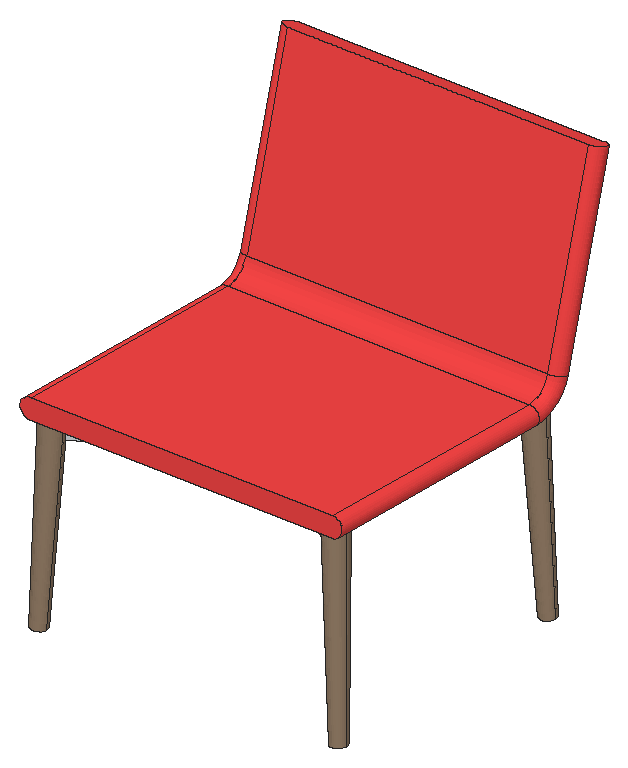
Revit family "Afternoon f 295", category Мебель, Revit 2017
Family settings
  Номер OmniClass = 23.40.20.00
  Заголовок OmniClass = General Furniture and Specialties
  На основе рабочей плоскости = Нет
  Всегда вертикально = Да
  При загрузке вырезать с полостями = Нет
  Общий = Нет
  Точка расчета площади = Нет
Parameters (values of type "SA-296")
  URL = "http://file-system.ru/catalog/zdaniya_i_sooruzheniya/interer/mebel/afternoon_f_295_skandiform_kreslo/"
  Комментарии к типоразмеру = "Created by Astacus AB"
  Ключевая пометка = "XBF.4"
  Material = Skandiform Fabric
  Группа модели = "SA-296"
  Изготовитель = "Skandiform AB"
  Leg = F-295_Leg : F-295_Leg
  Seat = F-255_Seat : F-255_Seat
  Описание = "Chassis in chromium or silver lacquered metal."
Types (5, lengths in mm): name | URL | Ключевая пометка | Группа модели | Leg | Seat
  (no name) | "http://file-system.ru/catalog/zdaniya_i_sooruzheniya/interer/mebel/afternoon_f_295_skandiform_kreslo/" | "XBF.4" | "SA-296" | F-295_Leg : F-295_Leg | F-255_Seat : F-255_Seat
  F-255 | "http://www.biminfo.se/?productid=333205" | "XBF.3" | "F-255" | F-255_Leg : F-255_Leg | F-255_Seat : F-255_Seat
  SA-256 | "http://www.biminfo.se/?productid=333205" | "XBF.4" | "SA-256" | SA-256_Leg : SA-256_Leg | SA-256_Seat : SA-256_Seat
  F-295 | "http://www.biminfo.se/?productid=333205" | "XBF.3" | "F-295" | F-295_Leg : F-295_Leg | F-255_Seat : F-255_Seat
  SA-296 | "http://file-system.ru/catalog/zdaniya_i_sooruzheniya/interer/mebel/afternoon_f_295_skandiform_kreslo/" | "XBF.4" | "SA-296" | F-295_Leg : F-295_Leg | F-255_Seat : F-255_Seat
Reference planes
  plane 1 "Center (Front/Back)": y = 0
  plane 2: z = 0
  plane 3 "Center (Left/Right)": x = 0
Dimensions and locks
  aligned and locked: level to plane 2
Nested families
  nested 1: "F-255_Seat" at (-3.503, 0, 0), type <- "Seat", type "F-255_Seat"
  nested 2: "F-295_Leg" at (0, 0, 0), type <- "Leg", type "F-295_Leg"
Definition of nested family "F-255_Seat"
  Parameters
    Model = ""
    Manufacturer = "Skandiform"
    Fabric = none
    Assembly Code = ""
  Reference planes
    plane 1 "Center (Front/Back)": y = 0
    plane 2: z = 0
    plane 3 "Center (Left/Right)": x = 0
  Forms (mm)
    Sweep 1, solid, material <- "Fabric"
      path origin (-2.266, -64.531, -7.5) x (0, 1, 0) y (0, 0, 1)
        loop
          line (-243.234, 337.822) -> (198.96, 323.37)
          arc (198.96, 323.37) -> (251.605, 340.111) -> (282.911, 385.628) r 85.188
          line (282.911, 385.628) -> (374.581, 713.95)
      profile origin (-2.266, -86.669, 323.096) x (0, 0.032667, 0.999466) y (1, 0, 0)
        loop
          arc (7.5, -268.622) -> (25.907, -286.099) -> (42.406, -266.811) r 17.5
          line (42.406, -266.811) -> (42.406, 275.316)
          arc (42.406, 275.316) -> (24.953, 292.769) -> (7.5, 275.316) r 17.453
          line (7.5, 275.316) -> (7.5, -268.622)
    Sweep 2, solid, material <- "Fabric", not visible
      path origin (0, 5, -7.5) x (0, 1, 0) y (0, 0, 1)
        loop
          line (-243.234, 337.822) -> (198.96, 323.37)
          arc (198.96, 323.37) -> (251.605, 340.111) -> (282.911, 385.628) r 85.188
          line (282.911, 385.628) -> (374.581, 713.95)
      profile origin (0, -17.137, 323.096) x (0, 0.032667, 0.999466) y (1, 0, 0)
        loop
          arc (7.5, -268.622) -> (25.907, -286.099) -> (42.406, -266.811) r 17.5
          line (42.406, -266.811) -> (42.406, 275.316)
          arc (42.406, 275.316) -> (24.953, 292.769) -> (7.5, 275.316) r 17.453
          line (7.5, 275.316) -> (7.5, -268.622)
    Sweep 3, solid, material <- "Fabric", not visible
      path origin (0, -65, -7.5) x (0, 1, 0) y (0, 0, 1)
        loop
          line (-243.234, 337.822) -> (198.96, 323.37)
          arc (198.96, 323.37) -> (251.605, 340.111) -> (282.911, 385.628) r 85.188
          line (282.911, 385.628) -> (374.581, 713.95)
      profile origin (0, -87.137, 323.096) x (0, 0.032667, 0.999466) y (1, 0, 0)
        loop
          arc (7.5, -268.622) -> (25.907, -286.099) -> (42.406, -266.811) r 17.5
          line (42.406, -266.811) -> (42.406, 275.316)
          arc (42.406, 275.316) -> (24.953, 292.769) -> (7.5, 275.316) r 17.453
          line (7.5, 275.316) -> (7.5, -268.622)
  Lines and regions (mm)
    Masking region 1, not visible
      outline origin (0.333, 9.533, 0) x (1, 0, 0) y (0, 1, 0)
        loop
          arc (-258.191, 367.563) -> (-269.067, 363.058) -> (-273.572, 352.182) r 15.381
          line (-273.572, 352.182) -> (-288.572, 262.094) -> (-288.572, -243.945) -> (291.428, -243.945) -> (291.428, 259.145) -> (275.047, 357.528)
          arc (275.047, 357.528) -> (269.312, 364.812) -> (260.459, 367.563) r 15.621
          line (260.459, 367.563) -> (-258.191, 367.563)
    Masking region 2, not visible
      outline origin (0.333, -60.467, 0) x (1, 0, 0) y (0, 1, 0)
        loop
          arc (-258.191, 367.563) -> (-269.067, 363.058) -> (-273.572, 352.182) r 15.381
          line (-273.572, 352.182) -> (-288.572, 262.094) -> (-288.572, -243.945) -> (291.428, -243.945) -> (291.428, 259.145) -> (275.047, 357.528)
          arc (275.047, 357.528) -> (269.312, 364.812) -> (260.459, 367.563) r 15.621
          line (260.459, 367.563) -> (-258.191, 367.563)
    Masking region 3
      outline origin (10.066, -62.778, 0) x (1, 0, 0) y (0, 1, 0)
        loop
          arc (-268.191, 367.563) -> (-279.067, 363.058) -> (-283.572, 352.182) r 15.381
          line (-283.572, 352.182) -> (-298.572, 262.094) -> (-298.572, 241.61) -> (-311.259, 243.629) -> (-320.994, 332.046)
          arc (-320.994, 332.046) -> (-329.123, 339.775) -> (-336.988, 331.777) r 7.999
          line (-336.988, 331.777) -> (-326.462, 235.919)
          arc (-326.462, 235.919) -> (-324.487, 231.403) -> (-320.239, 228.906) r 7.99
          line (-320.239, 228.906) -> (-298.572, 225.451) -> (-298.572, -237.174) -> (-307.705, -249.194)
          arc (-307.705, -249.194) -> (-306.522, -260.445) -> (-295.271, -259.262) r 8
          line (-295.271, -259.262) -> (-284.649, -243.945) -> (265.674, -243.945) -> (276.295, -259.262)
          arc (276.295, -259.262) -> (287.546, -260.445) -> (288.729, -249.194) r 8
          line (288.729, -249.194) -> (281.428, -239.584) -> (281.428, 225.743) -> (301.263, 228.906)
          arc (301.263, 228.906) -> (305.512, 231.403) -> (307.487, 235.919) r 7.99
          line (307.487, 235.919) -> (318.012, 331.777)
          arc (318.012, 331.777) -> (310.148, 339.775) -> (302.019, 332.046) r 7.999
          line (302.019, 332.046) -> (292.283, 243.629) -> (281.428, 241.902) -> (281.428, 259.145) -> (265.047, 357.528)
          arc (265.047, 357.528) -> (259.312, 364.812) -> (250.459, 367.563) r 15.621
          line (250.459, 367.563) -> (-268.191, 367.563)
    symbolic lines
      curve 1: line (-288.506, 162.673, 0) -> (-288.506, 178.832, 0)
      curve 2: line (-274.583, -306.723, 0) -> (-288.506, -306.723, 0)
      curve 3: line (-288.506, -299.952, 0) -> (-288.506, -306.723, 0)
      curve 4: line (291.538, 162.673, 0) -> (291.538, 178.832, 0)
      curve 5: line (275.74, -306.723, 0) -> (291.538, -306.723, 0)
      curve 6: line (291.538, -299.952, 0) -> (291.538, -306.723, 0)
      curve 7: arc (276.069, 289.404, 0) -> (273.621, 276.485, 0) -> (263.657, 267.906, 0) r 19.921
      curve 8: line (-263.657, 267.906, 0) -> (263.657, 267.906, 0)
      curve 9: arc (-276.069, 289.404, 0) -> (-273.621, 276.485, 0) -> (-263.657, 267.906, 0) r 19.921
  Dimensions and locks
    aligned and locked: level to plane 2
Definition of nested family "F-295_Leg"
  Parameters
    Stol = none
    Seat = SA-256_Seat : SA-256_Seat
    Model = ""
    Material = none
    Manufacturer = "Skandiform"
  Reference planes
    plane 1 "Center (Front/Back)": y = 0
    plane 2: z = 0
    plane 3 "Center (Left/Right)": x = 0
  Forms (mm)
    Revolve 1, solid, material <- "Stol"
      sketch origin (-103.062, -291.234, -130.389) x (-1, 0, 0) y (0, -0.034899, -0.999391)
        loop
          arc (185.055, -126.49) -> (177.742, -124.81) -> (170.863, -127.804) r 11.994
          line (170.863, -127.804) -> (155.717, -473.824) -> (176.703, -473.824) -> (185.055, -126.49)
        axis (155.717, -473.824) -> (170.947, -125.872)
      angle from 0 to 360
    Revolve 2, solid, material <- "Stol"
      sketch origin (-103.709, 187.308, -130.389) x (-1, 0, 0) y (0, -0.034899, 0.999391)
        loop
          line (185.055, 126.49) -> (176.703, 473.824) -> (155.717, 473.824) -> (170.863, 127.804)
          arc (170.863, 127.804) -> (177.742, 124.81) -> (185.055, 126.49) r 11.994
        axis (155.717, 473.824) -> (170.947, 125.872)
      angle from 0 to 360
    Revolve 3, solid, material <- "Stol"
      sketch origin (93.482, -291.234, -130.389) x (1, 0, 0) y (0, 0.034899, 0.999391)
        loop
          line (185.055, 126.49) -> (176.703, 473.824) -> (155.717, 473.824) -> (170.863, 127.804)
          arc (170.863, 127.804) -> (177.742, 124.81) -> (185.055, 126.49) r 11.994
        axis (155.717, 473.824) -> (170.947, 125.872)
      angle from 0 to 360
    Revolve 4, solid, material <- "Stol"
      sketch origin (94.129, 187.308, -130.389) x (1, 0, 0) y (0, 0.034899, -0.999391)
        loop
          arc (185.055, -126.49) -> (177.742, -124.81) -> (170.863, -127.804) r 11.994
          line (170.863, -127.804) -> (155.717, -473.824) -> (176.703, -473.824) -> (185.055, -126.49)
        axis (155.717, -473.824) -> (170.947, -125.872)
      angle from 0 to 360
    Extrusion 5, solid
      sketch origin (0, 0, 0) x (1, 0, 0) y (0, 1, 0)
        loop
          line (-258.234, 172.34) -> (-258.234, 157.34) -> (-93.689, 62.34) -> (-93.689, -172.838) -> (-258.234, -267.838) -> (-258.234, -282.838) -> (-93.689, -187.838) -> (84.109, -187.838) -> (248.654, -282.838) -> (248.654, -267.838) -> (93.689, -178.369) -> (93.689, 67.871) -> (248.654, 157.34) -> (248.654, 172.34) -> (84.109, 77.34) -> (-93.689, 77.34) -> (-258.234, 172.34)
        loop
          line (-78.689, 62.34) -> (-78.689, -172.838) -> (78.689, -172.838) -> (78.689, 62.34) -> (-78.689, 62.34)
      from 301.949 to 337.818
  Dimensions and locks
    aligned and locked: level to plane 2
